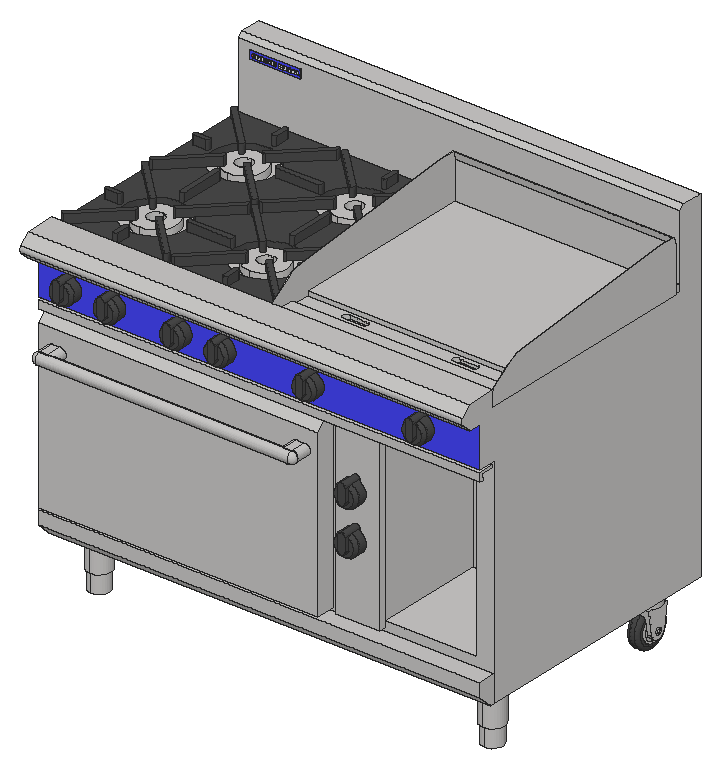
Revit family "QF_MOFFAT_BLUESEAL_CE_GE508B", category Specialty Equipment, Revit 2012 (continued)
Automatic sketch dimensions
  curve 64 to curve 27 = 5.678 mm
  curve 65 to curve 26 = 5.678 mm
  curve 51 to curve 40 = 12.693 mm
  curve 54 to curve 42 = 12.693 mm
  curve 40 to curve 40 = 45 mm
  curve 42 to curve 42 = 45 mm
  curve 26 to curve 91 = 54.201 mm
  curve 27 to plane 17 = 62.387 mm
  curve 13 to curve 26 = 0 mm
  curve 12 to plane 17 = 62.387 mm
  curve 26 to curve 59 = 21.653 mm
  curve 8 to curve 4 = 2.734 mm
  curve 4 to curve 103 = 12.5 mm
  curve 90 to curve 91 = 5 mm
  curve 98 to plane 17 = 13.185 mm
  curve 83 to curve 83 = 5 mm
  curve 96 to curve 95 = 7 mm
  curve 72 to curve 71 = 7 mm
  plane 17 to curve 101 = 3.815 mm
  plane 17 to curve 95 = 3.815 mm
  plane 17 to curve 87 = 3.815 mm
  plane 17 to curve 77 = 3.815 mm
  Extrusion 1 sketch curve to plane 22 = 0 mm
  Extrusion 1 sketch curve to plane 21 = 0 mm
  Extrusion 1 sketch curve to plane 1 "BACK" = 0 mm
  plane 22 to Extrusion 1 sketch curve = 2.93 mm
  plane 22 to Extrusion 1 sketch curve = 8.071 mm
  plane 22 to Extrusion 1 sketch curve = 35.224 mm
  Extrusion 1 sketch curve to Extrusion 1 sketch curve = 2.389 mm
  plane 22 to Extrusion 1 sketch curve = 44 mm  (x2)
  Extrusion 1 sketch curve to Extrusion 1 sketch curve = 8.776 mm
  Extrusion 1 sketch curve to plane 5 "FRONT" = 28.03 mm
  Extrusion 1 sketch curve to plane 5 "FRONT" = 27.03 mm
  Extrusion 1 sketch curve to plane 5 "FRONT" = 11.991 mm
  Extrusion 1 sketch curve to plane 5 "FRONT" = 3.51 mm  (x2)
  Extrusion 1 sketch curve to plane 22 = 1.8 mm
  Extrusion 1 sketch curve to Extrusion 1 sketch curve = 4.2 mm
  Extrusion 1 sketch curve to plane 21 = 12.5 mm
  Extrusion 1 sketch curve to plane 17 = 38 mm
  Extrusion 1 sketch curve to Extrusion 1 sketch curve = 12.5 mm
  Extrusion 1 sketch curve to Extrusion 1 sketch curve = 41.48 mm
  Extrusion 1 sketch curve to Extrusion 1 sketch curve = 23.52 mm
  plane 18 to Extrusion 1 sketch curve = 85 mm
  Extrusion 1 sketch curve to Extrusion 1 sketch curve = 5.997 mm
  Extrusion 1 sketch curve to Extrusion 1 sketch curve = 7.004 mm
  Extrusion 1 sketch curve to Extrusion 1 sketch curve = 16.999 mm
  level to Extrusion 1 sketch curve = 222.5 mm
  Extrusion 1 sketch curve to Extrusion 1 sketch curve = 36.5 mm
  Extrusion 1 sketch curve to Extrusion 1 sketch curve = 35.929 mm
  level to Extrusion 1 sketch curve = 150 mm
  Extrusion 1 sketch curve to Extrusion 1 sketch curve = 8.48 mm
  plane 22 to Extrusion 2 sketch curve = 44 mm
  plane 22 to Extrusion 2 sketch curve = 20 mm
  Extrusion 2 sketch curve to plane 22 = 6 mm
  level to Extrusion 2 sketch curve = 227.5 mm
  plane 18 to Extrusion 2 sketch curve = 21 mm
  plane 18 to Extrusion 2 sketch curve = 45 mm
  plane 22 to Extrusion 3 sketch curve = 9 mm
  Extrusion 3 sketch curve to plane 22 = 6 mm
  level to Extrusion 3 sketch curve = 227.5 mm
  plane 18 to Extrusion 3 sketch curve = 45 mm
  Revolve 4 sketch curve to level = 0 mm
  Revolve 4 sketch curve to plane 22 = 48.25 mm
  Revolve 4 sketch curve to Revolve 4 sketch curve = 4.25 mm
  Revolve 4 sketch curve to Revolve 4 sketch curve = 27.5 mm  (x2)
  level to Revolve 4 sketch curve = 50 mm
  Revolve 4 sketch curve to Revolve 4 sketch curve = 0 mm
  Revolve 4 sketch curve to Revolve 4 sketch curve = 100 mm
  Revolve 4 sketch curve to Revolve 4 sketch curve = 55 mm
  Revolve 5 sketch curve to level = 0 mm
  Revolve 5 sketch curve to plane 22 = 48.25 mm
  Revolve 5 sketch curve to Revolve 5 sketch curve = 4.25 mm
  Revolve 5 sketch curve to Revolve 5 sketch curve = 27.5 mm  (x2)
  Revolve 5 sketch curve to level = 55 mm
  Revolve 5 sketch curve to Revolve 5 sketch curve = 50 mm
  Revolve 5 sketch curve to Revolve 5 sketch curve = 0 mm
  Revolve 5 sketch curve to Revolve 5 sketch curve = 100 mm
  Extrusion 6 sketch curve to plane 17 = 0 mm
  plane 18 to Extrusion 7 sketch curve = 21 mm
  level to Extrusion 7 sketch curve = 246 mm
  plane 16 to Extrusion 7 sketch curve = 15.5 mm
  Extrusion 8 sketch curve to plane 7 "Center Y" = 0 mm
  plane 22 to Extrusion 8 sketch curve = 0 mm
  Extrusion 8 sketch curve to plane 22 = 3 mm  (x2)
  plane 10 to Extrusion 8 sketch curve = 36.504 mm  (x2)
  plane 12 to Extrusion 8 sketch curve = 67.472 mm  (x2)
  Extrusion 8 sketch curve to plane 17 = 42 mm  (x2)
  plane 3 "LEFT" to Extrusion 8 sketch curve = 4 mm
  plane 14 to Extrusion 8 sketch curve = 76 mm  (x2)
  Extrusion 8 sketch curve to plane 7 "Center Y" = 150 mm  (x2)
  Extrusion 9 sketch curve to plane 17 = 61.602 mm  (x3)
  plane 9 to Extrusion 9 sketch curve = 4.847 mm  (x4)
  Extrusion 9 sketch curve to Extrusion 9 sketch curve = 0 mm  (x8)
  Extrusion 9 sketch curve to plane 7 "Center Y" = 15.153 mm  (x3)
  plane 3 "LEFT" to Extrusion 9 sketch curve = 15.153 mm
  Extrusion 9 sketch curve to Extrusion 9 sketch curve = 4.525 mm  (x24)
  Extrusion 9 sketch curve to plane 17 = 67.398 mm  (x2)
  Extrusion 9 sketch curve to Extrusion 9 sketch curve = 36.204 mm  (x2)
  Extrusion 9 sketch curve to Extrusion 9 sketch curve = 65.923 mm  (x2)
  plane 3 "LEFT" to Extrusion 9 sketch curve = 16.591 mm  (x2)
  plane 12 to Extrusion 9 sketch curve = 74.863 mm
  Extrusion 9 sketch curve to plane 7 "Center Y" = 7.896 mm  (x2)
  plane 12 to Extrusion 9 sketch curve = 73.872 mm
  Extrusion 9 sketch curve to Extrusion 9 sketch curve = 20.524 mm  (x5)
  Extrusion 9 sketch curve to Extrusion 9 sketch curve = 6.4 mm  (x12)
  plane 12 to Extrusion 9 sketch curve = 40.548 mm  (x4)
  Extrusion 9 sketch curve to plane 12 = 24.426 mm  (x2)
  Extrusion 9 sketch curve to plane 13 = 7.374 mm  (x4)
  plane 8 "Center X" to Extrusion 9 sketch curve = 8.898 mm  (x4)
  plane 8 "Center X" to Extrusion 9 sketch curve = 4.372 mm  (x4)
  Extrusion 9 sketch curve to plane 8 "Center X" = 43.102 mm  (x2)
  Extrusion 9 sketch curve to Extrusion 9 sketch curve = 55.923 mm  (x4)
  plane 10 to Extrusion 9 sketch curve = 43.646 mm
  plane 10 to Extrusion 9 sketch curve = 43.172 mm  (x2)
  plane 10 to Extrusion 9 sketch curve = 9.848 mm  (x4)
  plane 10 to Extrusion 9 sketch curve = 5.323 mm  (x4)
  Extrusion 9 sketch curve to plane 10 = 65.126 mm  (x2)
  Extrusion 9 sketch curve to plane 22 = 32.653 mm  (x3)
  plane 3 "LEFT" to Extrusion 9 sketch curve = 6.102 mm  (x3)
  Extrusion 9 sketch curve to plane 7 "Center Y" = 6.102 mm
  Extrusion 9 sketch curve to plane 22 = 29.398 mm  (x2)
  Extrusion 9 sketch curve to plane 11 = 9.416 mm  (x2)
  plane 14 to Extrusion 9 sketch curve = 40.025 mm  (x4)
  plane 14 to Extrusion 9 sketch curve = 69.6 mm  (x2)
  Extrusion 9 sketch curve to Extrusion 9 sketch curve = 53.847 mm  (x8)
  Extrusion 9 sketch curve to plane 9 = 38.102 mm  (x2)
  Extrusion 9 sketch curve to Extrusion 9 sketch curve = 12.205 mm  (x4)
  plane 9 to Extrusion 9 sketch curve = 78.102 mm  (x2)
  Extrusion 9 sketch curve to Extrusion 9 sketch curve = 49.974 mm  (x2)
  Revolve 10 sketch curve to plane 5 "FRONT" = 19 mm
  Revolve 10 sketch curve to Revolve 10 sketch curve = 0 mm  (x2)
  Revolve 10 sketch curve to Revolve 10 sketch curve = 11 mm
  Revolve 10 sketch curve to Revolve 10 sketch curve = 12.7 mm
  Revolve 10 sketch curve to Revolve 10 sketch curve = 23 mm
  Revolve 10 sketch curve to Revolve 10 sketch curve = 10 mm
  plane 18 to Revolve 10 sketch curve = 141.882 mm
  Revolve 10 sketch curve to Revolve 10 sketch curve = 5 mm
  Revolve 10 sketch curve to Revolve 10 sketch curve = 26.651 mm
  Revolve 10 sketch curve to Revolve 10 sketch curve = 5.849 mm
  Revolve 11 sketch curve to plane 5 "FRONT" = 19 mm
  Revolve 11 sketch curve to Revolve 11 sketch curve = 0 mm  (x2)
  Revolve 11 sketch curve to Revolve 11 sketch curve = 11 mm
  Revolve 11 sketch curve to Revolve 11 sketch curve = 12.7 mm
  Revolve 11 sketch curve to Revolve 11 sketch curve = 23 mm
  Revolve 11 sketch curve to Revolve 11 sketch curve = 10 mm
  Revolve 11 sketch curve to plane 6 "TOP" = 140.618 mm
  Revolve 11 sketch curve to Revolve 11 sketch curve = 5.849 mm
  Revolve 11 sketch curve to Revolve 11 sketch curve = 27.5 mm
  Revolve 11 sketch curve to Revolve 11 sketch curve = 5 mm
  Revolve 12 sketch curve to plane 5 "FRONT" = 19 mm
  Revolve 12 sketch curve to Revolve 12 sketch curve = 0 mm  (x2)
  Revolve 12 sketch curve to Revolve 12 sketch curve = 11 mm
  Revolve 12 sketch curve to Revolve 12 sketch curve = 12.7 mm
  Revolve 12 sketch curve to Revolve 12 sketch curve = 23 mm
  Revolve 12 sketch curve to Revolve 12 sketch curve = 10 mm
  Revolve 12 sketch curve to plane 6 "TOP" = 140.618 mm
  Revolve 12 sketch curve to Revolve 12 sketch curve = 5.849 mm
  Revolve 12 sketch curve to Revolve 12 sketch curve = 27.5 mm
  Revolve 12 sketch curve to Revolve 12 sketch curve = 5 mm
  Revolve 13 sketch curve to plane 5 "FRONT" = 19 mm
  Revolve 13 sketch curve to Revolve 13 sketch curve = 0 mm  (x2)
  Revolve 13 sketch curve to Revolve 13 sketch curve = 11 mm
  Revolve 13 sketch curve to Revolve 13 sketch curve = 12.7 mm
  Revolve 13 sketch curve to Revolve 13 sketch curve = 23 mm
  Revolve 13 sketch curve to Revolve 13 sketch curve = 10 mm
  Revolve 13 sketch curve to plane 6 "TOP" = 140.618 mm
  Revolve 13 sketch curve to Revolve 13 sketch curve = 5.849 mm
  Revolve 13 sketch curve to Revolve 13 sketch curve = 27.5 mm
  Revolve 13 sketch curve to Revolve 13 sketch curve = 5 mm
  Revolve 14 sketch curve to plane 5 "FRONT" = 19 mm
  Revolve 14 sketch curve to Revolve 14 sketch curve = 0 mm  (x2)
  Revolve 14 sketch curve to Revolve 14 sketch curve = 11 mm
  Revolve 14 sketch curve to Revolve 14 sketch curve = 12.7 mm
  Revolve 14 sketch curve to Revolve 14 sketch curve = 23 mm
  Revolve 14 sketch curve to Revolve 14 sketch curve = 10 mm
  Revolve 14 sketch curve to plane 6 "TOP" = 140.618 mm
  Revolve 14 sketch curve to Revolve 14 sketch curve = 5.849 mm
  Revolve 14 sketch curve to Revolve 14 sketch curve = 27.5 mm
  Revolve 14 sketch curve to Revolve 14 sketch curve = 5 mm
  plane 14 to Extrusion 15 sketch curve = 26.156 mm
  Extrusion 15 sketch curve to Extrusion 15 sketch curve = 10 mm
  Extrusion 15 sketch curve to plane 6 "TOP" = 146.118 mm
  Extrusion 15 sketch curve to Extrusion 15 sketch curve = 35 mm
  Extrusion 16 sketch curve to plane 9 = 59.844 mm
  Extrusion 16 sketch curve to Extrusion 16 sketch curve = 10 mm
  Extrusion 16 sketch curve to plane 6 "TOP" = 146.118 mm
  Extrusion 16 sketch curve to Extrusion 16 sketch curve = 35 mm
  plane 9 to Extrusion 17 sketch curve = 120.132 mm
  Extrusion 17 sketch curve to Extrusion 17 sketch curve = 10 mm
  Extrusion 17 sketch curve to plane 6 "TOP" = 146.118 mm
  Extrusion 17 sketch curve to Extrusion 17 sketch curve = 35 mm
  Extrusion 18 sketch curve to plane 7 "Center Y" = 79.868 mm
  Extrusion 18 sketch curve to Extrusion 18 sketch curve = 10 mm
  Extrusion 18 sketch curve to plane 6 "TOP" = 146.118 mm
  Extrusion 18 sketch curve to Extrusion 18 sketch curve = 35 mm
  Extrusion 19 sketch curve to plane 6 "TOP" = 146.118 mm
  Extrusion 19 sketch curve to Extrusion 19 sketch curve = 35 mm
  plane 22 to Revolve 20 sketch curve = 53 mm
  Revolve 20 sketch curve to Revolve 20 sketch curve = 0 mm  (x2)
  Revolve 20 sketch curve to Revolve 20 sketch curve = 11 mm
  Revolve 20 sketch curve to Revolve 20 sketch curve = 12.7 mm
  plane 22 to Revolve 20 sketch curve = 19 mm
  plane 22 to Revolve 20 sketch curve = 9 mm
  Revolve 20 sketch curve to plane 18 = 104.368 mm
  Revolve 20 sketch curve to Revolve 20 sketch curve = 5 mm
  Revolve 20 sketch curve to Revolve 20 sketch curve = 26.651 mm
  Revolve 20 sketch curve to Revolve 20 sketch curve = 5.849 mm
  Extrusion 21 sketch curve to Extrusion 21 sketch curve = 10 mm
  Extrusion 21 sketch curve to plane 18 = 112.368 mm
  Extrusion 21 sketch curve to Extrusion 21 sketch curve = 35 mm
  Extrusion 22 sketch curve to Extrusion 2 = 0 mm  (x2)
  Extrusion 22 sketch curve to Extrusion 22 sketch curve = 469.847 mm
  Extrusion 23 sketch curve to plane 16 = 0.512 mm
  Extrusion 23 sketch curve to plane 17 = 6.76 mm
  Extrusion 23 sketch curve to plane 1 "BACK" = 30.24 mm
  Extrusion 23 sketch curve to plane 17 = 55.26 mm
  Extrusion 24 sketch curve to plane 11 = 1.472 mm
  Extrusion 24 sketch curve to plane 18 = 46.875 mm  (x2)
  Extrusion 24 sketch curve to Extrusion 24 sketch curve = 15 mm  (x2)
  Extrusion 24 sketch curve to Extrusion 24 sketch curve = 20.282 mm  (x2)
  Revolve 25 sketch curve to plane 3 "LEFT" = 6.961 mm
  plane 3 "LEFT" to Revolve 25 sketch curve = 23.246 mm
  Revolve 25 sketch curve to plane 18 = 16.875 mm
  Revolve 25 sketch curve to Revolve 25 sketch curve = 15 mm
  Revolve 25 sketch curve to plane 7 "Center Y" = 11.961 mm
  Revolve 25 sketch curve to Revolve 25 sketch curve = 0 mm
  Extrusion 26 sketch curve to Extrusion 26 sketch curve = 0 mm  (x8)
  plane 12 to Extrusion 26 sketch curve = 67.472 mm  (x2)
  plane 10 to Extrusion 26 sketch curve = 36.772 mm  (x2)
  plane 14 to Extrusion 26 sketch curve = 76 mm  (x2)
  Extrusion 26 sketch curve to plane 7 "Center Y" = 150 mm  (x2)
  Split face 1 sketch curve to cut or joined group of Extrusion 1, Extrusion 7, Extrusion 23 = 27.315 mm
  Split face 1 sketch curve to cut or joined group of Extrusion 1, Extrusion 7, Extrusion 23 = 273.455 mm
  Split face 1 sketch curve to cut or joined group of Extrusion 1, Extrusion 7, Extrusion 23 = 23.185 mm
  Split face 1 sketch curve to Split face 1 sketch curve = 4.041 mm  (x4)
  Split face 1 sketch curve to Split face 1 sketch curve = 8.66 mm  (x2)
  Split face 1 sketch curve to cut or joined group of Extrusion 1, Extrusion 7, Extrusion 23 = 22.315 mm
  Split face 1 sketch curve to cut or joined group of Extrusion 1, Extrusion 7, Extrusion 23 = 36.836 mm
  Split face 1 sketch curve to Split face 1 sketch curve = 17 mm
  Split face 1 sketch curve to Split face 1 sketch curve = 7 mm  (x2)
  Split face 2 sketch curve to cut or joined group of Extrusion 1, Extrusion 7, Extrusion 23 = 27.315 mm
  Split face 2 sketch curve to cut or joined group of Extrusion 1, Extrusion 7, Extrusion 23 = 573.455 mm
  Split face 2 sketch curve to cut or joined group of Extrusion 1, Extrusion 7, Extrusion 23 = 23.185 mm
  Split face 2 sketch curve to Split face 2 sketch curve = 4.041 mm  (x4)
  Split face 2 sketch curve to Split face 2 sketch curve = 8.66 mm  (x2)
  Split face 2 sketch curve to cut or joined group of Extrusion 1, Extrusion 7, Extrusion 23 = 22.315 mm
  Split face 2 sketch curve to Split face 2 sketch curve = 223.917 mm
  Split face 2 sketch curve to cut or joined group of Extrusion 1, Extrusion 7, Extrusion 23 = 17.315 mm
  Split face 2 sketch curve to Split face 2 sketch curve = 17 mm
  Split face 2 sketch curve to Split face 2 sketch curve = 7 mm
  Split face 3 sketch curve to cut or joined group of Extrusion 1, Extrusion 7, Extrusion 23 = 27.315 mm
  Split face 3 sketch curve to cut or joined group of Extrusion 1, Extrusion 7, Extrusion 23 = 326.545 mm
  Split face 3 sketch curve to cut or joined group of Extrusion 1, Extrusion 7, Extrusion 23 = 23.185 mm
  Split face 3 sketch curve to Split face 3 sketch curve = 4.041 mm  (x4)
  Split face 3 sketch curve to Split face 3 sketch curve = 8.66 mm  (x2)
  Split face 3 sketch curve to cut or joined group of Extrusion 1, Extrusion 7, Extrusion 23 = 22.315 mm
  Split face 3 sketch curve to Split face 3 sketch curve = 223.917 mm
  Split face 3 sketch curve to cut or joined group of Extrusion 1, Extrusion 7, Extrusion 23 = 17.315 mm
  Split face 3 sketch curve to Split face 3 sketch curve = 17 mm
  Split face 3 sketch curve to Split face 3 sketch curve = 7 mm
  Split face 4 sketch curve to cut or joined group of Extrusion 1, Extrusion 7, Extrusion 23 = 26.545 mm
  Split face 4 sketch curve to Split face 4 sketch curve = 4.041 mm  (x4)
  Split face 4 sketch curve to Split face 4 sketch curve = 8.66 mm  (x2)
  Split face 4 sketch curve to cut or joined group of Extrusion 1, Extrusion 7, Extrusion 23 = 22.315 mm
  Split face 4 sketch curve to Split face 4 sketch curve = 223.917 mm
  Split face 4 sketch curve to cut or joined group of Extrusion 1, Extrusion 7, Extrusion 23 = 17.315 mm
  Split face 4 sketch curve to Split face 4 sketch curve = 10 mm
  Split face 4 sketch curve to Split face 4 sketch curve = 7 mm  (x3)
  Extrusion 28 sketch curve to plane 17 = 99.75 mm
  Extrusion 28 sketch curve to Extrusion 28 sketch curve = 12.357 mm
  Extrusion 28 sketch curve to Extrusion 28 sketch curve = 19.393 mm  (x2)
  level to Extrusion 28 sketch curve = 45.111 mm
  Extrusion 28 sketch curve to plane 17 = 36.25 mm
  Extrusion 28 sketch curve to Extrusion 28 sketch curve = 4.889 mm
  Extrusion 28 sketch curve to Extrusion 28 sketch curve = 64.889 mm
  Revolve 29 sketch curve to plane 17 = 103.75 mm
  Revolve 29 sketch curve to plane 17 = 68 mm
  Revolve 29 sketch curve to Revolve 29 sketch curve = 35.75 mm
  Revolve 29 sketch curve to level = 55 mm
  level to Revolve 29 sketch curve = 50 mm
  Revolve 29 sketch curve to Revolve 29 sketch curve = 60 mm
  Revolve 29 sketch curve to Revolve 29 sketch curve = 40 mm
  Revolve 30 sketch curve to plane 17 = 103.75 mm
  Revolve 30 sketch curve to plane 17 = 68 mm
  Revolve 30 sketch curve to Revolve 30 sketch curve = 35.75 mm
  level to Revolve 30 sketch curve = 150 mm
  Revolve 30 sketch curve to Revolve 30 sketch curve = 40 mm
  level to Revolve 30 sketch curve = 50 mm
  Revolve 30 sketch curve to level = 55 mm
  Revolve 31 sketch curve to plane 16 = 34.382 mm
  Revolve 31 sketch curve to Revolve 31 sketch curve = 1.27 mm  (x4)
  Revolve 31 sketch curve to Revolve 31 sketch curve = 1.524 mm  (x2)
  Revolve 31 sketch curve to Revolve 31 sketch curve = 12.146 mm  (x2)
  Revolve 31 sketch curve to plane 16 = 16.68 mm
  Revolve 31 sketch curve to Revolve 31 sketch curve = 0.794 mm  (x2)
  Revolve 31 sketch curve to Revolve 31 sketch curve = 3.57 mm
  Revolve 31 sketch curve to Revolve 31 sketch curve = 2.143 mm
  Revolve 31 sketch curve to plane 16 = 6.361 mm
  plane 16 to Revolve 31 sketch curve = 5.13 mm
  plane 16 to Revolve 31 sketch curve = 6.339 mm
  plane 16 to Revolve 31 sketch curve = 14.515 mm
  Revolve 31 sketch curve to Revolve 31 sketch curve = 1.349 mm  (x2)
  Revolve 31 sketch curve to Revolve 31 sketch curve = 3.556 mm
  Revolve 31 sketch curve to plane 4 "RIGHT" = 2.18 mm
  level to Revolve 31 sketch curve = 50.8 mm
  Revolve 31 sketch curve to Revolve 31 sketch curve = 0 mm
  Revolve 31 sketch curve to Revolve 31 sketch curve = 3.505 mm  (x2)
  Revolve 31 sketch curve to Revolve 31 sketch curve = 3.447 mm  (x2)
  Revolve 31 sketch curve to Revolve 31 sketch curve = 9.964 mm
  Revolve 31 sketch curve to Revolve 31 sketch curve = 10.045 mm
  Revolve 31 sketch curve to Revolve 31 sketch curve = 2.053 mm
  Revolve 31 sketch curve to Revolve 31 sketch curve = 2.061 mm
  Revolve 31 sketch curve to Revolve 31 sketch curve = 8.247 mm
  Revolve 31 sketch curve to Revolve 31 sketch curve = 8.336 mm
  Revolve 31 sketch curve to Revolve 31 sketch curve = 6.35 mm  (x2)
  Extrusion 32 sketch curve to plane 17 = 99.75 mm
  Extrusion 32 sketch curve to Extrusion 32 sketch curve = 12.357 mm
  Extrusion 32 sketch curve to Extrusion 32 sketch curve = 19.393 mm  (x2)
  level to Extrusion 32 sketch curve = 45.111 mm
  Extrusion 32 sketch curve to plane 17 = 36.25 mm
  Extrusion 32 sketch curve to Extrusion 32 sketch curve = 4.889 mm
  Extrusion 32 sketch curve to Extrusion 32 sketch curve = 64.889 mm
  Revolve 33 sketch curve to level = 0 mm
  Revolve 33 sketch curve to plane 17 = 99.75 mm
  Revolve 33 sketch curve to Revolve 33 sketch curve = 4.25 mm
  Revolve 33 sketch curve to Revolve 33 sketch curve = 27.5 mm  (x2)
  Revolve 33 sketch curve to level = 55 mm
  Revolve 33 sketch curve to Revolve 33 sketch curve = 50 mm
  Revolve 33 sketch curve to Revolve 33 sketch curve = 0 mm
  Revolve 33 sketch curve to Revolve 33 sketch curve = 100 mm
  Revolve 34 sketch curve to level = 0 mm
  Revolve 34 sketch curve to plane 17 = 99.75 mm
  Revolve 34 sketch curve to Revolve 34 sketch curve = 4.25 mm
  Revolve 34 sketch curve to Revolve 34 sketch curve = 27.5 mm  (x2)
  level to Revolve 34 sketch curve = 50 mm
  Revolve 34 sketch curve to Revolve 34 sketch curve = 0 mm
  Revolve 34 sketch curve to Revolve 34 sketch curve = 100 mm
  Revolve 34 sketch curve to Revolve 34 sketch curve = 55 mm
  plane 14 to Revolve 35 sketch curve = 25.382 mm
  Revolve 35 sketch curve to Revolve 35 sketch curve = 1.27 mm  (x4)
  Revolve 35 sketch curve to Revolve 35 sketch curve = 1.524 mm  (x2)
  plane 14 to Revolve 35 sketch curve = 10.442 mm
  plane 14 to Revolve 35 sketch curve = 7.68 mm
  Revolve 35 sketch curve to Revolve 35 sketch curve = 0.794 mm  (x2)
  Revolve 35 sketch curve to Revolve 35 sketch curve = 3.57 mm
  Revolve 35 sketch curve to Revolve 35 sketch curve = 2.143 mm
  Revolve 35 sketch curve to plane 14 = 2.639 mm
  Revolve 35 sketch curve to plane 11 = 0.13 mm
  Revolve 35 sketch curve to plane 11 = 1.339 mm
  Revolve 35 sketch curve to plane 11 = 9.515 mm
  Revolve 35 sketch curve to Revolve 35 sketch curve = 1.349 mm  (x2)
  Revolve 35 sketch curve to Revolve 35 sketch curve = 3.556 mm
  Revolve 35 sketch curve to Revolve 35 sketch curve = 12.146 mm
  Revolve 35 sketch curve to plane 3 "LEFT" = 2.68 mm
  level to Revolve 35 sketch curve = 101.6 mm
  Revolve 35 sketch curve to Revolve 35 sketch curve = 6.35 mm  (x4)
  Revolve 35 sketch curve to Revolve 35 sketch curve = 8.247 mm
  Revolve 35 sketch curve to Revolve 35 sketch curve = 8.336 mm
  Revolve 35 sketch curve to Revolve 35 sketch curve = 2.061 mm
  Revolve 35 sketch curve to Revolve 35 sketch curve = 2.053 mm
  Revolve 35 sketch curve to Revolve 35 sketch curve = 10.045 mm
  Revolve 35 sketch curve to Revolve 35 sketch curve = 9.964 mm
  Revolve 35 sketch curve to Revolve 35 sketch curve = 3.447 mm  (x2)
  Revolve 35 sketch curve to Revolve 35 sketch curve = 3.505 mm
  plane 22 to Revolve 36 sketch curve = 53 mm
  Revolve 36 sketch curve to Revolve 36 sketch curve = 0 mm  (x2)
  Revolve 36 sketch curve to Revolve 36 sketch curve = 11 mm
  Revolve 36 sketch curve to Revolve 36 sketch curve = 12.7 mm
  plane 22 to Revolve 36 sketch curve = 19 mm
  plane 22 to Revolve 36 sketch curve = 9 mm
  Revolve 36 sketch curve to plane 18 = 224.368 mm
  Revolve 36 sketch curve to Revolve 36 sketch curve = 5 mm
  Revolve 36 sketch curve to Revolve 36 sketch curve = 26.651 mm
  Revolve 36 sketch curve to Revolve 36 sketch curve = 5.849 mm
  Extrusion 37 sketch curve to Extrusion 37 sketch curve = 10 mm
  Extrusion 37 sketch curve to plane 18 = 232.368 mm
  Extrusion 37 sketch curve to Extrusion 37 sketch curve = 35 mm
  Revolve 38 sketch curve to plane 5 "FRONT" = 19 mm
  Revolve 38 sketch curve to Revolve 38 sketch curve = 0 mm  (x2)
  Revolve 38 sketch curve to Revolve 38 sketch curve = 11 mm
  Revolve 38 sketch curve to Revolve 38 sketch curve = 12.7 mm
  Revolve 38 sketch curve to Revolve 38 sketch curve = 23 mm
  Revolve 38 sketch curve to Revolve 38 sketch curve = 10 mm
  plane 18 to Revolve 38 sketch curve = 141.882 mm
  Revolve 38 sketch curve to Revolve 38 sketch curve = 5 mm
  Revolve 38 sketch curve to Revolve 38 sketch curve = 26.651 mm
  Revolve 38 sketch curve to Revolve 38 sketch curve = 5.849 mm
  Extrusion 39 sketch curve to plane 6 "TOP" = 146.118 mm
  Extrusion 39 sketch curve to Extrusion 39 sketch curve = 35 mm
  Extrusion 6 sketch curve to plane 16 = 64.5 mm
  Extrusion 23 sketch curve to Extrusion 23 sketch curve = 81 mm
  Extrusion 23 sketch curve to Extrusion 23 sketch curve = 48.5 mm
  Extrusion 39 sketch curve to plane 16 = 75.106 mm
  Extrusion 39 sketch curve to Extrusion 39 sketch curve = 10 mm
  plane 7 "Center Y" to curve 10 = 118.108 mm
  curve 10 to curve 11 = 25.191 mm
  curve 11 to curve 49 = 16.7 mm
  curve 83 to curve 79 = 223.917 mm
  Extrusion 7 sketch curve to plane 16 = 234.5 mm
  plane 7 "Center Y" to Extrusion 19 sketch curve = 159.62 mm
  Extrusion 19 sketch curve to Extrusion 19 sketch curve = 10 mm
  plane 7 "Center Y" to Extrusion 21 sketch curve = 227.344 mm
  plane 7 "Center Y" to Extrusion 24 sketch curve = 102.757 mm
  plane 7 "Center Y" to Revolve 25 sketch curve = 123.039 mm
  plane 7 "Center Y" to Extrusion 37 sketch curve = 227.344 mm
  radius of Extrusion 6 sketch curve = 10 mm
  radius of Extrusion 8 sketch curve = 85 mm  (x4)
  radius of Extrusion 26 sketch curve = 57 mm  (x4)
  radius of Extrusion 26 sketch curve = 22 mm  (x4)
  radius of Extrusion 27 sketch curve = 6.35 mm
Nested families
  nested 1: "WALDORF LOGO_FACE BASE" at (32, -70, 1056.385) x (1, 0, 0) z (0, -1, 0), visible <- "Show Logo", type "WALDORF LOGO_FACE BASE", detail levels medium+fine
    with Show Logo yes
  nested 2: "GAS GRIDDLE PLATE 600" at (600, -85, 874.5), type "GAS GRIDDLE PLATE 600"
    with Width 600 mm, Type Mark "", Status "", Specification by User "", Revision Code "", Item Number "", Installed By "", Identify Quantity as Lot yes, Furnished By "", Foodservice Equipment Identifier yes, Depth 620 mm
Connectors
  piping at (1070, -32, 655)
    settings: on Extrusion 6, index 4, connector radius 0.37402", flow factor 0, pipe flow 0 GPM, pressure drop 0.00 psi, fitting loss kfactor 0, connector angle 0.00°, fixture units 0, engagement length 0 mm, flow configuration 1, flow direction 1, fitting loss method 0, system type 7, joint type 0, gender type 0, connector reference index -1, connector utility 0, adjustable connector no, is connector primary yes, fitting loss table "", connector description "GAS CONNECTION"
  electrical at (826, -501, 148.072), driven by "Volts", driven by "Watts"
    settings: on Extrusion 27, index 5, voltage 400 V, apparent load 6200 VA, apparent load phase1 0 VA, apparent load phase2 0 VA, apparent load phase3 0 VA, power factor 1, load classification "Other", number of poles 1, system type 30, power factor state 1, is connector primary yes, connector utility no, sub classification motor no, connector description "ELECTRICAL CONNECTION"
Definition of nested family "WALDORF LOGO_FACE BASE"
  Parameters (values of type "WALDORF LOGO_FACE BASE")
    Show Logo [instance] = yes
    Default Elevation = 1219.2 mm
  Reference planes
    plane 1 "Center (Front/Back)": y = 0
    plane 2: z = 0
    plane 3 "Center (Left/Right)": x = 0
  Forms (mm)
    Extrusion 1, solid
      sketch origin (0, 0, 0) x (1, 0, 0) y (0, 1, 0)
        loop
          line (-1219.2, 1219.2) -> (-1219.2, -1219.2) -> (1219.2, -1219.2) -> (1219.2, 1219.2) -> (-1219.2, 1219.2)
      from 0 to -304.8
    Extrusion 2, solid, material "QF_Finishes_Blue", visible <- "Show Logo"
      sketch origin (0, -33.217, 0) x (1, 0, 0) y (0, 1, 0)
        loop
          arc (138, 31.942) -> (137.626, 32.844) -> (136.724, 33.217) r 1.276
          line (136.724, 33.217) -> (1.29, 33.217)
          arc (1.29, 33.217) -> (0.378, 32.839) -> (0, 31.927) r 1.29
          line (0, 31.927) -> (0, 11.507)
          arc (0, 11.507) -> (0.378, 10.595) -> (1.29, 10.217) r 1.29
          line (1.29, 10.217) -> (136.71, 10.217)
          arc (136.71, 10.217) -> (137.622, 10.595) -> (138, 11.507) r 1.29
          line (138, 11.507) -> (138, 31.942)
      from 0 to 1.588
    Extrusion 3, solid, material "QF_Finishes_White", visible <- "Show Logo"
      sketch origin (0, -33.217, 1.588) x (1, 0, 0) y (0, 1, 0)
        loop
          arc (108.946, 25.919) -> (107.613, 25.367) -> (107.061, 24.034) r 1.885
          line (107.061, 24.034) -> (107.061, 17.211) -> (112.704, 17.211) -> (112.704, 19.129) -> (115.546, 19.129) -> (115.546, 17.211) -> (121.584, 17.211) -> (121.584, 24.075)
          arc (121.584, 24.075) -> (121.043, 25.379) -> (119.739, 25.919) r 1.845
          line (119.739, 25.919) -> (108.946, 25.919)
        loop
          line (123.478, 25.919) -> (123.478, 17.163) -> (134.904, 17.163) -> (134.904, 19.129) -> (129.246, 19.129) -> (129.246, 25.919) -> (123.478, 25.919)
        loop
          line (112.704, 21.258) -> (115.546, 21.258) -> (115.546, 22.702)
          arc (115.546, 22.702) -> (115.344, 23.188) -> (114.858, 23.389) r 0.687
          line (114.858, 23.389) -> (113.363, 23.389)
          arc (113.363, 23.389) -> (112.897, 23.196) -> (112.704, 22.73) r 0.658
          line (112.704, 22.73) -> (112.704, 21.258)
        loop
          line (105.071, 25.919) -> (93.771, 25.919) -> (93.771, 17.163) -> (105.071, 17.163) -> (105.071, 19.063) -> (99.535, 19.063) -> (99.535, 20.437) -> (105.071, 20.437) -> (105.071, 22.278) -> (99.535, 22.278) -> (99.535, 23.587) -> (105.071, 23.587) -> (105.071, 25.919)
        loop
          line (91.104, 25.919) -> (79.541, 25.919)
          arc (79.541, 25.919) -> (78.558, 25.513) -> (78.152, 24.53) r 1.389
          line (78.152, 24.53) -> (78.152, 22.08)
          arc (78.152, 22.08) -> (78.558, 21.098) -> (79.541, 20.691) r 1.389
          line (79.541, 20.691) -> (86.346, 20.691) -> (86.346, 18.864) -> (83.266, 18.864) -> (83.266, 19.664) -> (78.152, 19.664) -> (78.152, 18.553)
          arc (78.152, 18.553) -> (78.558, 17.57) -> (79.541, 17.163) r 1.389
          line (79.541, 17.163) -> (91.063, 17.163)
          arc (91.063, 17.163) -> (92.045, 17.57) -> (92.452, 18.553) r 1.389
          line (92.452, 18.553) -> (92.452, 20.691)
          arc (92.452, 20.691) -> (92.045, 21.673) -> (91.063, 22.08) r 1.389
          line (91.063, 22.08) -> (83.266, 22.08) -> (83.266, 23.984) -> (86.346, 23.984) -> (86.346, 22.743) -> (92.452, 22.743) -> (92.452, 24.571)
          arc (92.452, 24.571) -> (92.057, 25.524) -> (91.104, 25.919) r 1.348
        loop
          line (70.705, 25.919) -> (59.405, 25.919) -> (59.405, 17.163) -> (70.705, 17.163) -> (70.705, 19.063) -> (65.169, 19.063) -> (65.169, 20.437) -> (70.705, 20.437) -> (70.705, 22.278) -> (65.169, 22.278) -> (65.169, 23.587) -> (70.705, 23.587) -> (70.705, 25.919)
        loop
          line (57.598, 25.919) -> (51.7, 25.919) -> (51.7, 20.18)
          arc (51.7, 20.18) -> (50.63, 19.11) -> (49.56, 20.18) r 1.07
          line (49.56, 20.18) -> (49.56, 25.919) -> (43.663, 25.919) -> (43.663, 19.049)
          arc (43.663, 19.049) -> (44.215, 17.716) -> (45.548, 17.163) r 1.885
          line (45.548, 17.163) -> (55.71, 17.163)
          arc (55.71, 17.163) -> (57.045, 17.716) -> (57.598, 19.051) r 1.887
          line (57.598, 19.051) -> (57.598, 25.919)
        loop
          line (31.62, 25.919) -> (31.62, 17.163) -> (43.046, 17.163) -> (43.046, 19.129) -> (37.388, 19.129) -> (37.388, 25.919) -> (31.62, 25.919)
        loop
          line (15.969, 25.919) -> (15.969, 17.163) -> (28.693, 17.163)
          arc (28.693, 17.163) -> (29.812, 17.627) -> (30.276, 18.746) r 1.582
          line (30.276, 18.746) -> (30.276, 20.447) -> (29.48, 21.243) -> (30.276, 22.039) -> (30.276, 24.332)
          arc (30.276, 24.332) -> (29.811, 25.454) -> (28.688, 25.919) r 1.587
          line (28.688, 25.919) -> (15.969, 25.919)
        loop
          line (21.449, 24.159) -> (21.449, 22.436) -> (23.862, 22.436)
          arc (23.862, 22.436) -> (24.723, 23.298) -> (23.862, 24.159) r 0.861
          line (23.862, 24.159) -> (21.449, 24.159)
        loop
          line (21.449, 20.244) -> (21.449, 18.522) -> (23.862, 18.522)
          arc (23.862, 18.522) -> (24.723, 19.383) -> (23.862, 20.244) r 0.861
          line (23.862, 20.244) -> (21.449, 20.244)
      from 0 to 0.2
    Extrusion 4, solid, material "QF_Finishes_Blue", visible <- "Show Logo"
      sketch origin (-126.498, -31.09, 1.588) x (1, 0, 0) y (0, 1, 0)
        loop
          line (136.738, 23.522) -> (136.738, 15.1)
          arc (136.738, 15.1) -> (140.756, 19.311) -> (136.738, 23.522) r 4.216
      from 0 to 0.2
    Extrusion 5, solid, material "QF_Finishes_Red", visible <- "Show Logo"
      sketch origin (146.849, -31.09, 1.588) x (-1, 0, 0) y (0, -1, 0)
        loop
          arc (136.738, -23.522) -> (140.756, -19.311) -> (136.738, -15.1) r 4.216
          line (136.738, -15.1) -> (136.738, -23.522)
      from 0 to 0.2
  Lines and regions (mm)
    Split face 1
      outline origin (-90.35, -30.793, 1.588) x (1, 0, 0) y (0, 1, 0)
        loop
          circle (100.54, 19.013) r 4.536
  Dimensions and locks
    aligned and locked: plane 2 to Extrusion 1
    aligned and locked: level to Extrusion 1
Definition of nested family "GAS GRIDDLE PLATE 600"
  Parameters (values of type "GAS GRIDDLE PLATE 600")
    Width [instance] = 600 mm
    Weight in Pounds = 0
    URL Cutsheet = ""
    Type Mark [instance] = ""
    Status [instance] = ""
    Specification by User [instance] = ""
    Specification by Manufacturer = ""
    Serial Number = ""
    Seismic Rating = ""
    SMACNA No = ""
    Revision Code [instance] = ""
    Omniclass Number and Title = ""
    NAFEM Spec ID Number = ""
    Masterspec = ""
    Item Number [instance] = ""
    Installed By [instance] = ""
    Identify Quantity as Lot [instance] = yes
    Furnished By [instance] = ""
    Foodservice Equipment Identifier [instance] = yes
    Depth [instance] = 620 mm
    CSI MasterFormat = ""
    CSI Master Format = ""
  Reference planes
    plane 1 "BACK": y = 0
    plane 2: z = 0
    plane 3 "LEFT": x = 0
    plane 4 "RIGHT": x = 600
    plane 5 "FRONT": y = -620
    plane 6 "TOP": z = 142.5
    plane 7 "Center Y": x = 300
    plane 8 "Center X": y = -310
    plane 9: y = -530.997
    plane 10: y = -541.497
    plane 11: y = -503.25
    plane 12: y = -557.737
  Forms (mm)
    Extrusion 1, solid, material "QF_Finishes_Stainless Steel"
      sketch origin (0, 70.003, -874.5) x (0, 1, 0) y (0, 0, 1)
        loop
          line (-70, 875) -> (-70, 997.489) -> (-75.228, 1017) -> (-117.24, 1017) -> (-589.533, 971.523)
          arc (-589.533, 971.523) -> (-614.56, 965.803) -> (-637.306, 953.899) r 100
          line (-637.306, 953.899) -> (-690.003, 917) -> (-690.003, 875) -> (-70, 875)
      from 0 to 1.8
    Extrusion 2, solid, material "QF_Finishes_Stainless Steel"
      sketch origin (600, 70.003, -874.5) x (0, -1, 0) y (0, 0, 1)
        loop
          line (70, 875) -> (690.003, 875) -> (690.003, 917) -> (637.306, 953.899)
          arc (637.306, 953.899) -> (614.56, 965.803) -> (589.533, 971.523) r 100
          line (589.533, 971.523) -> (117.24, 1017) -> (75.228, 1017) -> (70, 997.489) -> (70, 875)
      from 0 to 1.2
    Extrusion 3, solid, material "QF_Finishes_Stainless Steel"
      sketch origin (150, 70.003, -874.5) x (0, 1, 0) y (0, 0, 1)
        loop
          line (-55, 895) -> (-573.253, 895) -> (-573.253, 884.5) -> (-627.74, 884.5) -> (-627.74, 895) -> (-690.003, 895) -> (-690.003, 875) -> (-55, 875) -> (-55, 895)
      from -148.2 to 448.8
    Extrusion 4, void
      sketch origin (150, -541.497, 10) x (0, -1, 0) y (1, 0, 0)
        loop
          arc (-7.497, 25.113) -> (-17.497, 35.113) -> (-27.497, 25.113) r 10
          line (-27.497, 25.113) -> (-27.497, -24.887)
          arc (-27.497, -24.887) -> (-17.497, -34.887) -> (-7.497, -24.887) r 10
          line (-7.497, -24.887) -> (-7.497, 25.113)
        loop
          line (-7.497, 274.887) -> (-7.497, 324.887)
          arc (-7.497, 324.887) -> (-17.497, 334.887) -> (-27.497, 324.887) r 10
          line (-27.497, 324.887) -> (-27.497, 274.887)
          arc (-27.497, 274.887) -> (-17.497, 264.887) -> (-7.497, 274.887) r 10
      from -41.4 to 40.142
    Extrusion 5, solid, material "QF_Finishes_Stainless Steel"
      sketch origin (0, 70.003, -874.5) x (0, 1, 0) y (0, 0, 1)
        loop
          line (-70, 875) -> (-70, 997.489) -> (-75.228, 1017) -> (-76.884, 1017) -> (-71.6, 997.278) -> (-71.6, 875) -> (-70, 875)
      from 0 to 598.8
  Cuts and joins
    Extrusion 4 cuts Extrusion 3
    joined: Extrusion 1, Extrusion 2, Extrusion 3, Extrusion 5
  Lines and regions (mm)
    symbolic lines
      curve 1: line (600, -503.25, 0) -> (0, -503.25, 0)
      curve 2: line (0, -557.737, 0) -> (600, -557.737, 0)
      curve 3: line (0, -1.68, 0) -> (600, -1.68, 0)
      curve 4: line (600, -1.68, 0) -> (600, -620, 0)
      curve 5: line (0, -620, 0) -> (0, -1.68, 0)
      curve 6: line (0, -620, 0) -> (600, -620, 0)
      curve 7: arc (175.113, -534, 0) -> (185.113, -524, 0) -> (175.113, -514, 0) r 10
      curve 8: line (175.113, -514, 0) -> (125.113, -514, 0)
      curve 9: arc (125.113, -514, 0) -> (115.113, -524, 0) -> (125.113, -534, 0) r 10
      curve 10: line (125.113, -534, 0) -> (175.113, -534, 0)
      curve 11: arc (424.887, -534, 0) -> (414.887, -524, 0) -> (424.887, -514, 0) r 10
      curve 12: line (424.887, -514, 0) -> (474.887, -514, 0)
      curve 13: arc (474.887, -514, 0) -> (484.887, -524, 0) -> (474.887, -534, 0) r 10
      curve 14: line (474.887, -534, 0) -> (424.887, -534, 0)
  Dimensions and locks
    equal spacing: plane 3 "LEFT", plane 7 "Center Y", plane 4 "RIGHT"
    "Width": plane 3 "LEFT" to plane 4 "RIGHT"
    equal spacing: plane 5 "FRONT", plane 8 "Center X", plane 1 "BACK"
    "Depth": plane 5 "FRONT" to plane 1 "BACK"
    locked: Extrusion 2 to Extrusion 2 at 1.2
    aligned and locked: level to plane 2
    aligned and locked: Extrusion 2 to plane 4 "RIGHT"
    aligned and locked: curve 1 to plane 11
    aligned and locked: plane 12 to curve 2
    aligned and locked: Extrusion 5 to cut or joined group of Extrusion 1, Extrusion 2, Extrusion 3, Extrusion 4, Extrusion 5
  Automatic sketch dimensions
    Extrusion 1 sketch curve to plane 5 "FRONT" = 0 mm
    Extrusion 1 sketch curve to plane 6 "TOP" = 0 mm
    plane 12 to Extrusion 1 sketch curve = 9.566 mm
    plane 11 to Extrusion 1 sketch curve = 16.28 mm
    Extrusion 1 sketch curve to level = 2.516 mm
    plane 11 to Extrusion 1 sketch curve = 6.695 mm
    plane 1 "BACK" to Extrusion 1 sketch curve = 47.237 mm
    plane 1 "BACK" to Extrusion 1 sketch curve = 5.225 mm
    Extrusion 1 sketch curve to plane 1 "BACK" = 0.003 mm
    level to Extrusion 1 sketch curve = 0.5 mm
    Extrusion 1 sketch curve to Extrusion 1 sketch curve = 42 mm
    Extrusion 1 sketch curve to plane 6 "TOP" = 63.101 mm
    Extrusion 1 sketch curve to plane 6 "TOP" = 19.511 mm
    Extrusion 2 sketch curve to plane 6 "TOP" = 0 mm
    Extrusion 2 sketch curve to plane 5 "FRONT" = 0 mm
    plane 12 to Extrusion 2 sketch curve = 9.566 mm
    plane 11 to Extrusion 2 sketch curve = 16.28 mm
    Extrusion 2 sketch curve to level = 2.516 mm
    plane 11 to Extrusion 2 sketch curve = 6.695 mm
    plane 1 "BACK" to Extrusion 2 sketch curve = 47.237 mm
    plane 1 "BACK" to Extrusion 2 sketch curve = 5.225 mm
    Extrusion 2 sketch curve to plane 1 "BACK" = 0.003 mm
    level to Extrusion 2 sketch curve = 0.5 mm
    Extrusion 2 sketch curve to Extrusion 2 sketch curve = 42 mm
    Extrusion 2 sketch curve to plane 6 "TOP" = 63.101 mm
    Extrusion 2 sketch curve to plane 6 "TOP" = 19.511 mm
    Extrusion 3 sketch curve to plane 5 "FRONT" = 0 mm
    Extrusion 3 sketch curve to plane 12 = 0 mm
    Extrusion 3 sketch curve to plane 11 = 0 mm
    Extrusion 3 sketch curve to plane 1 "BACK" = 15.003 mm
    level to Extrusion 3 sketch curve = 0.5 mm
    level to Extrusion 3 sketch curve = 10 mm
    Extrusion 3 sketch curve to Extrusion 3 sketch curve = 10.5 mm  (x2)
    plane 1 "BACK" to Extrusion 5 sketch curve = 5.225 mm
    Extrusion 5 sketch curve to plane 1 "BACK" = 0.003 mm
    Extrusion 5 sketch curve to plane 6 "TOP" = 19.511 mm
    Extrusion 5 sketch curve to Extrusion 5 sketch curve = 1.6 mm
    Extrusion 5 sketch curve to Extrusion 5 sketch curve = 0.211 mm
    Extrusion 5 sketch curve to plane 6 "TOP" = 0 mm
    Extrusion 5 sketch curve to Extrusion 5 sketch curve = 1.656 mm
    level to Extrusion 5 sketch curve = 0.5 mm
    plane 11 to Extrusion 4 sketch curve = 10.75 mm  (x2)
    Extrusion 4 sketch curve to Extrusion 4 sketch curve = 10 mm  (x2)
    plane 3 "LEFT" to Extrusion 4 sketch curve = 125.113 mm
    Extrusion 4 sketch curve to Extrusion 4 sketch curve = 50 mm  (x2)
    plane 7 "Center Y" to Extrusion 4 sketch curve = 124.887 mm
    curve 6 to plane 3 "LEFT" = 0 mm
    curve 3 to plane 4 "RIGHT" = 0 mm
    plane 5 "FRONT" to curve 6 = 0 mm
    plane 11 to curve 8 = 10.75 mm
    plane 3 "LEFT" to curve 8 = 125.113 mm
    curve 10 to plane 12 = 23.737 mm
    curve 9 to curve 10 = 50 mm
    curve 11 to plane 12 = 23.737 mm
    plane 7 "Center Y" to curve 11 = 124.887 mm
    plane 11 to curve 12 = 10.75 mm
    curve 12 to curve 12 = 50 mm
    plane 1 "BACK" to curve 3 = 1.68 mm
